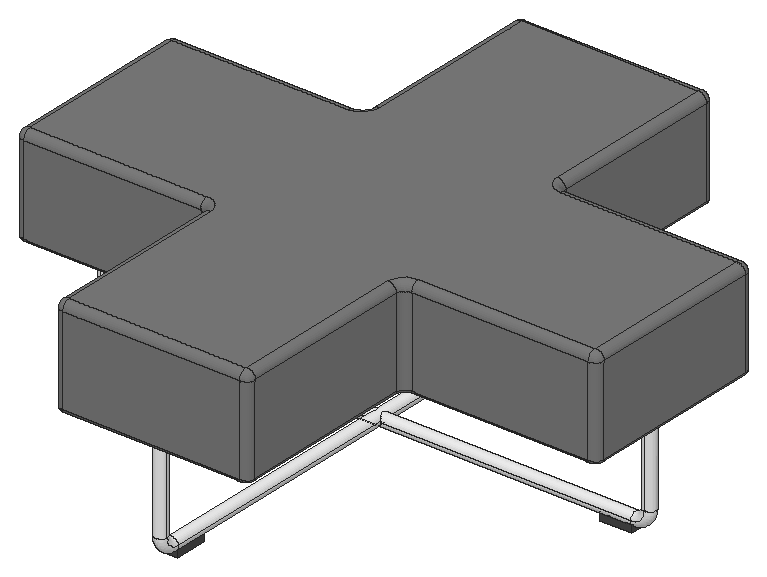
Revit family "Ottoman-Soft_Seating-Allermuir-Jaks-JA1", category Furniture, Revit 2012
Parameters (values of type "JA1")
  ecoScorecard_data = "http://thesenatorgroup.ecoscorecard.com/product/JA1"
  ecoScorecard Product Page = "http://products.ecoscorecard.com/allermuir/JA1?action=html"
  White Plastic Back Membrane = no
  Weight = 0.0 lbf
  URL = "http://www.allermuir.net/Default.aspx"
  Thickness = 2 63/64"
  Subcategory = "Soft Seating"  # constant formula
  Specifications URL = "http://www.allermuir.net/Services/File.ashx?Id=4466"
  Plugin Data URL = "http://products.ecoscorecard.com/thesenatorgroup/JA1"
  Bench = Fabric - Allermuir - Silcoates
  Product Page URL = "http://www.allermuir.net/Products.aspx?RangeId=73"
  Product Line = "Jaks"  # constant formula
  Pricing URL = "http://www.allermuir.net/Services/File.ashx?Id=4312"
  Overall Width = 53.1"
  Overall Height = 19"
  Overall Depth = 53.12646"
  Model = "JA1"
  Manufacturer Phone - Toll Free = "(888) 887 5806"  # constant formula
  Manufacturer Phone = "(419) 887 5806"  # constant formula
  Manufacturer Fax = "(419) 887 5805"  # constant formula
  Manufacturer Email = "mailto:contact@allermuir-na.com"
  Manufacturer Address = "1630 Holland Road, Maumee, Ohio 43537 "  # constant formula
  Manufacturer = "Allermuir"
  Legs = Metal - Allermuir - Chrome - Polished
  Leg Base = Plastic - Allermuir - Black
  LEED Stats URL = "http://www.allermuir.net/Services/File.ashx?Id=4417"
  Fabric Spec Sheets = "http://www.allermuir.net/Services/File.ashx?Type=B&Id=51"
  Description = ""
  Color Availability = "See price list for material options"
  CAD Blocks URL = "http://www.allermuir.net/Services/File.ashx?Id=4528"
  Brochure URL = "http://www.allermuir.net/Services/File.ashx?Id=4354"
  Assembly Code = "E2020200"
  95 CSI = "12510"  # constant formula
  04 CSI = "12 51 00"  # constant formula
Reference planes (in)
  plane 1 "Center Front/Back": y = 0
  plane 2: z = 0
  plane 3 "Center Left/Right": x = 0
  plane 4: y = 26.56323
  plane 5: y = -26.56323
  plane 6: x = -26.55
  plane 7: x = 26.55
  plane 8: z = 19
  plane 9: through (0, -10.22784, 13.88249) normal (0, -0.1219, -0.9925)
  plane 10: z = 16.01563
Dimensions and locks (in)
  equal spacing: plane 6, plane 3 "Center Left/Right", plane 7
  "Overall Width": plane 6 to plane 7
  "Overall Height": plane 8 to level
  "Thickness": plane 8 to plane 10
  equal spacing: plane 4, plane 1 "Center Front/Back", plane 5
  "Overall Depth": plane 5 to plane 4
  aligned and locked: plane 1 "Center Front/Back" to nested 1
Nested families (in)
  nested 1: "JA1" at (0, 0, 0), type "JA1"
Definition of nested family "JA1"
  Parameters (values of type "JA1")
    Width = 53.1"
    Legs = Metal - Allermuir - Upholstery - Stainless - Brushed
    Leg Base = Fabric - Allermuir - Upholstery - Lola - Smooth - Dark Gray
    JA1 = yes
    Height = 19"
    Depth = 53.12646"
    Default Elevation = 0"
    Bench = Fabric - Allermuir - Upholstery - Lola - Smooth - Black
    Assembly Code = ""
  Reference planes (in)
    plane 1 "Center Front/Back": y = 0
    plane 2: z = 0
    plane 3 "Center Left/Right": x = 0
    plane 4: x = -26.55
    plane 5: x = 26.55
    plane 6: z = 20.27719
    plane 7: y = 26.56323
    plane 8: y = -26.56323
    plane 9: z = 11.02165
  Forms (in)
    Sweep 1, solid, material "Metal - Allermuir - Upholstery - Stainless - Brushed" <- "Legs", visible <- "JA1"
      path origin (0.02144, 0.02144, 0) x (0, -1, 0) y (0, 0, 1)
        loop
          line (-24.19453, 11.02165) -> (-24.19453, 2.21555)
          arc (-24.19453, 2.21555) -> (-23.82841, 1.33167) -> (-22.94453, 0.96555) r 1.25
          line (-22.94453, 0.96555) -> (24.22541, 0.96555)
          arc (24.22541, 0.96555) -> (25.10929, 1.33167) -> (25.47541, 2.21555) r 1.25
          line (25.47541, 2.21555) -> (25.47541, 11.02332)
      profile origin (0.02144, 24.21597, 6.6186) x (-1, 0, 0) y (0, -1, 0)
        loop
          circle (0, 0) r 0.58004
    Sweep 2, solid, material "Metal - Allermuir - Upholstery - Stainless - Brushed" <- "Legs", visible <- "JA1"
      path origin (0, -0.5625, 0) x (1, 0, 0) y (0, 0, 1)
        loop
          line (-24.88895, 11.0207) -> (-24.88895, 2.16558)
          arc (-24.88895, 2.16558) -> (-24.52283, 1.28169) -> (-23.63893, 0.91558) r 1.25
          line (-23.63893, 0.91558) -> (23.49579, 0.91648)
          arc (23.49579, 0.91648) -> (24.37886, 1.28182) -> (24.74576, 2.16424) r 1.25
          line (24.74576, 2.16424) -> (24.76166, 11.02127)
      profile origin (-24.88895, -0.5625, 6.59314) x (0, -1, 0) y (1, 0, 0)
        loop
          circle (0, 0) r 0.58004
    Extrusion 3, solid, material "Fabric - Allermuir - Upholstery - Lola - Smooth - Dark Gray" <- "Leg Base", visible <- "JA1"
      sketch origin (0, 0, 0) x (1, 0, 0) y (0, 0, 1)
        loop
          line (-0.59055, 0.63743) -> (-0.59055, 0) -> (0.59058, 0) -> (0.59058, 0.63743) -> (0.54254, 0.63743)
          arc (0.54254, 0.63743) -> (0.00391, 0.40771) -> (-0.53472, 0.63743) r 0.74634
          line (-0.53472, 0.63743) -> (-0.59055, 0.63743)
      from 21.24037 to 24.19313
    Extrusion 4, solid, material "Fabric - Allermuir - Upholstery - Lola - Smooth - Dark Gray" <- "Leg Base", visible <- "JA1"
      sketch origin (0, -1.14063, 0) x (1, 0, 0) y (0, 0, -1)
        loop
          line (-0.59055, -0.63743) -> (-0.53472, -0.63743)
          arc (-0.53472, -0.63743) -> (0.00391, -0.40771) -> (0.54254, -0.63743) r 0.74634
          line (0.54254, -0.63743) -> (0.59058, -0.63743) -> (0.59058, 0) -> (-0.59055, 0) -> (-0.59055, -0.63743)
      from 21.24037 to 24.19313
    Extrusion 5, solid, material "Fabric - Allermuir - Upholstery - Lola - Smooth - Dark Gray" <- "Leg Base", visible <- "JA1"
      sketch origin (-0.5625, -0.57031, 0) x (0, 1, 0) y (0, 0, 1)
        loop
          line (-0.59055, 0.63743) -> (-0.59055, 0) -> (0.59058, 0) -> (0.59058, 0.63743) -> (0.54254, 0.63743)
          arc (0.54254, 0.63743) -> (0.00391, 0.40771) -> (-0.53472, 0.63743) r 0.74634
          line (-0.53472, 0.63743) -> (-0.59055, 0.63743)
      from 21.24037 to 24.19313
    Extrusion 6, solid, material "Fabric - Allermuir - Upholstery - Lola - Smooth - Dark Gray" <- "Leg Base", visible <- "JA1"
      sketch origin (0.57031, -0.57031, 0) x (0, 1, 0) y (0, 0, -1)
        loop
          line (-0.59055, -0.63743) -> (-0.53472, -0.63743)
          arc (-0.53472, -0.63743) -> (0.00391, -0.40771) -> (0.54254, -0.63743) r 0.74634
          line (0.54254, -0.63743) -> (0.59058, -0.63743) -> (0.59058, 0) -> (-0.59055, 0) -> (-0.59055, -0.63743)
      from 21.24037 to 24.19313
    Extrusion 7, solid, material "Fabric - Allermuir - Upholstery - Lola - Smooth - Black" <- "Bench"
      sketch origin (0, 0, 0) x (1, 0, 0) y (0, 1, 0)
        loop
          line (8.88187, 9.67066) -> (8.88187, 25.78638)
          arc (8.88187, 25.78638) -> (8.64755, 26.35206) -> (8.08187, 26.58638) r 0.8
          line (8.08187, 26.58638) -> (-8.05774, 26.58638)
          arc (-8.05774, 26.58638) -> (-8.62398, 26.35183) -> (-8.85852, 25.7856) r 0.80078
          line (-8.85852, 25.7856) -> (-8.85852, 9.67066)
          arc (-8.85852, 9.67066) -> (-9.09306, 9.10442) -> (-9.6593, 8.86988) r 0.80078
          line (-9.6593, 8.86988) -> (-25.75197, 8.86988)
          arc (-25.75197, 8.86988) -> (-26.31821, 8.63534) -> (-26.55275, 8.0691) r 0.80078
          line (-26.55275, 8.0691) -> (-26.55275, -8.0699)
          arc (-26.55275, -8.0699) -> (-26.31821, -8.63614) -> (-25.75197, -8.87068) r 0.80078
          line (-25.75197, -8.87068) -> (-9.63586, -8.87068)
          arc (-9.63586, -8.87068) -> (-9.06962, -9.10523) -> (-8.83508, -9.67147) r 0.80078
          line (-8.83508, -9.67147) -> (-8.83508, -25.76245)
          arc (-8.83508, -25.76245) -> (-8.60054, -26.32869) -> (-8.0343, -26.56323) r 0.80078
          line (-8.0343, -26.56323) -> (8.08231, -26.56323)
          arc (8.08231, -26.56323) -> (8.64854, -26.32869) -> (8.88309, -25.76245) r 0.80078
          line (8.88309, -25.76245) -> (8.88309, -9.67062)
          arc (8.88309, -9.67062) -> (9.11763, -9.10439) -> (9.68387, -8.86984) r 0.80078
          line (9.68387, -8.86984) -> (25.79608, -8.86984)
          arc (25.79608, -8.86984) -> (26.36231, -8.6353) -> (26.59686, -8.06906) r 0.80078
          line (26.59686, -8.06906) -> (26.59686, 8.0691)
          arc (26.59686, 8.0691) -> (26.36231, 8.63534) -> (25.79608, 8.86988) r 0.80078
          line (25.79608, 8.86988) -> (9.68265, 8.86988)
          arc (9.68265, 8.86988) -> (9.11641, 9.10442) -> (8.88187, 9.67066) r 0.80078
      from 9.88047 to 18.89567
    Sweep 8, void
      path in 3D
        loop
          arc (9.68265, 8.86988, 18.89567) -> (9.11641, 9.10442, 18.89567) -> (8.88187, 9.67066, 18.89567) r 0.80078
          line (8.88187, 9.67066, 18.89567) -> (8.88187, 25.78638, 18.89567)
          arc (8.88187, 25.78638, 18.89567) -> (8.64755, 26.35206, 18.89567) -> (8.08187, 26.58638, 18.89567) r 0.8
          line (8.08187, 26.58638, 18.89567) -> (-8.05774, 26.58638, 18.89567)
          arc (-8.05774, 26.58638, 18.89567) -> (-8.62398, 26.35183, 18.89567) -> (-8.85852, 25.7856, 18.89567) r 0.80078
          line (-8.85852, 25.7856, 18.89567) -> (-8.85852, 9.67066, 18.89567)
          arc (-8.85852, 9.67066, 18.89567) -> (-9.09306, 9.10442, 18.89567) -> (-9.6593, 8.86988, 18.89567) r 0.80078
          line (-9.6593, 8.86988, 18.89567) -> (-25.75197, 8.86988, 18.89567)
          arc (-25.75197, 8.86988, 18.89567) -> (-26.31821, 8.63534, 18.89567) -> (-26.55275, 8.0691, 18.89567) r 0.80078
          line (-26.55275, 8.0691, 18.89567) -> (-26.55275, -8.0699, 18.89567)
          arc (-26.55275, -8.0699, 18.89567) -> (-26.31821, -8.63614, 18.89567) -> (-25.75197, -8.87068, 18.89567) r 0.80078
          line (-25.75197, -8.87068, 18.89567) -> (-9.63586, -8.87068, 18.89567)
          arc (-9.63586, -8.87068, 18.89567) -> (-9.06962, -9.10523, 18.89567) -> (-8.83508, -9.67147, 18.89567) r 0.80078
          line (-8.83508, -9.67147, 18.89567) -> (-8.83508, -25.76245, 18.89567)
          arc (-8.83508, -25.76245, 18.89567) -> (-8.60054, -26.32869, 18.89567) -> (-8.0343, -26.56323, 18.89567) r 0.80078
          line (-8.0343, -26.56323, 18.89567) -> (8.08231, -26.56323, 18.89567)
          arc (8.08231, -26.56323, 18.89567) -> (8.64854, -26.32869, 18.89567) -> (8.88309, -25.76245, 18.89567) r 0.80078
          line (8.88309, -25.76245, 18.89567) -> (8.88309, -9.67062, 18.89567)
          arc (8.88309, -9.67062, 18.89567) -> (9.11763, -9.10439, 18.89567) -> (9.68387, -8.86984, 18.89567) r 0.80078
          line (9.68387, -8.86984, 18.89567) -> (25.79608, -8.86984, 18.89567)
          arc (25.79608, -8.86984, 18.89567) -> (26.36231, -8.6353, 18.89567) -> (26.59686, -8.06906, 18.89567) r 0.80078
          line (26.59686, -8.06906, 18.89567) -> (26.59686, 8.0691, 18.89567)
          arc (26.59686, 8.0691, 18.89567) -> (26.36231, 8.63534, 18.89567) -> (25.79608, 8.86988, 18.89567) r 0.80078
          line (25.79608, 8.86988, 18.89567) -> (9.68265, 8.86988, 18.89567)
      profile origin (17.73936, 8.86988, 18.89567) x (0, -1, 0) y (0, 0, 1)
        loop
          line (0, 0) -> (0, -0.75)
          arc (0, -0.75) -> (0.21967, -0.21967) -> (0.75, 0) r 0.75
          line (0.75, 0) -> (0, 0)
    Sweep 9, void
      path in 3D
        loop
          arc (-8.83508, -9.67147, 9.88047) -> (-9.06962, -9.10523, 9.88047) -> (-9.63586, -8.87068, 9.88047) r 0.80078
          line (-9.63586, -8.87068, 9.88047) -> (-25.75197, -8.87068, 9.88047)
          arc (-25.75197, -8.87068, 9.88047) -> (-26.31821, -8.63614, 9.88047) -> (-26.55275, -8.0699, 9.88047) r 0.80078
          line (-26.55275, -8.0699, 9.88047) -> (-26.55275, 8.0691, 9.88047)
          arc (-26.55275, 8.0691, 9.88047) -> (-26.31821, 8.63534, 9.88047) -> (-25.75197, 8.86988, 9.88047) r 0.80078
          line (-25.75197, 8.86988, 9.88047) -> (-9.6593, 8.86988, 9.88047)
          arc (-9.6593, 8.86988, 9.88047) -> (-9.09306, 9.10442, 9.88047) -> (-8.85852, 9.67066, 9.88047) r 0.80078
          line (-8.85852, 9.67066, 9.88047) -> (-8.85852, 25.7856, 9.88047)
          arc (-8.85852, 25.7856, 9.88047) -> (-8.62398, 26.35183, 9.88047) -> (-8.05774, 26.58638, 9.88047) r 0.80078
          line (-8.05774, 26.58638, 9.88047) -> (8.08187, 26.58638, 9.88047)
          arc (8.08187, 26.58638, 9.88047) -> (8.64755, 26.35206, 9.88047) -> (8.88187, 25.78638, 9.88047) r 0.8
          line (8.88187, 25.78638, 9.88047) -> (8.88187, 9.67066, 9.88047)
          arc (8.88187, 9.67066, 9.88047) -> (9.11641, 9.10442, 9.88047) -> (9.68265, 8.86988, 9.88047) r 0.80078
          line (9.68265, 8.86988, 9.88047) -> (25.79608, 8.86988, 9.88047)
          arc (25.79608, 8.86988, 9.88047) -> (26.36231, 8.63534, 9.88047) -> (26.59686, 8.0691, 9.88047) r 0.80078
          line (26.59686, 8.0691, 9.88047) -> (26.59686, -8.06906, 9.88047)
          arc (26.59686, -8.06906, 9.88047) -> (26.36231, -8.6353, 9.88047) -> (25.79608, -8.86984, 9.88047) r 0.80078
          line (25.79608, -8.86984, 9.88047) -> (9.68387, -8.86984, 9.88047)
          arc (9.68387, -8.86984, 9.88047) -> (9.11763, -9.10439, 9.88047) -> (8.88309, -9.67062, 9.88047) r 0.80078
          line (8.88309, -9.67062, 9.88047) -> (8.88309, -25.76245, 9.88047)
          arc (8.88309, -25.76245, 9.88047) -> (8.64854, -26.32869, 9.88047) -> (8.08231, -26.56323, 9.88047) r 0.80078
          line (8.08231, -26.56323, 9.88047) -> (-8.0343, -26.56323, 9.88047)
          arc (-8.0343, -26.56323, 9.88047) -> (-8.60054, -26.32869, 9.88047) -> (-8.83508, -25.76245, 9.88047) r 0.80078
          line (-8.83508, -25.76245, 9.88047) -> (-8.83508, -9.67147, 9.88047)
      profile origin (-8.83508, -17.71696, 9.88047) x (1, 0, 0) y (0, 0, -1)
        loop
          arc (0, -0.19512) -> (0.05715, -0.05715) -> (0.19512, 0) r 0.19512
          line (0.19512, 0) -> (0, 0) -> (0, -0.19512)
  Cuts and joins
    Sweep 8, Sweep 9 cuts Extrusion 7
  Lines and regions (in)
    symbolic lines, style "Bench"
      curve 1: line (-25.82172, 8.84725, 0) -> (-9.67283, 8.84725, 0)
      curve 2: line (-8.85852, 9.66155, 0) -> (-8.85852, 25.83047, 0)
      curve 3: line (-8.12576, 26.56323, 0) -> (8.17174, 26.56323, 0)
      curve 4: line (8.88187, 9.6598, 0) -> (8.88187, 25.8531, 0)
      curve 5: line (25.81776, 8.84832, 0) -> (9.69335, 8.84832, 0)
      curve 6: arc (9.69335, 8.84832, 0) -> (9.11954, 9.086, 0) -> (8.88187, 9.6598, 0) r 0.81148
      curve 7: arc (-8.12576, 26.56323, 0) -> (-8.6439, 26.34861, 0) -> (-8.85852, 25.83047, 0) r 0.73276
      curve 8: arc (8.17174, 26.56323, 0) -> (8.67387, 26.35524, 0) -> (8.88187, 25.8531, 0) r 0.71013
      curve 9: arc (-9.67283, 8.84725, 0) -> (-9.09702, 9.08575, 0) -> (-8.85852, 9.66155, 0) r 0.81431
      curve 10: line (-25.81837, -8.87068, 0) -> (-9.66711, -8.87068, 0)
      curve 11: line (-8.83508, -9.70272, 0) -> (-8.83508, -25.83925, 0)
      curve 12: line (-8.1111, -26.56323, 0) -> (8.15521, -26.56323, 0)
      curve 13: line (8.88309, -9.68629, 0) -> (8.88309, -25.83535, 0)
      curve 14: line (25.8, -8.86984, 0) -> (9.69954, -8.86984, 0)
      curve 15: arc (9.69954, -8.86984, 0) -> (9.12222, -9.10897, 0) -> (8.88309, -9.68629, 0) r 0.81645
      curve 16: arc (-8.1111, -26.56323, 0) -> (-8.62303, -26.35118, 0) -> (-8.83508, -25.83925, 0) r 0.72398
      curve 17: arc (-9.66711, -8.87068, 0) -> (-9.07878, -9.11438, 0) -> (-8.83508, -9.70272, 0) r 0.83203
      curve 18: line (-26.55, -8.13905, 0) -> (-26.55, 8.11897, 0)
      curve 19: arc (-25.81837, -8.87068, 0) -> (-26.33571, -8.65639, 0) -> (-26.55, -8.13905, 0) r 0.73163
      curve 20: arc (8.88309, -25.83535, 0) -> (8.6699, -26.35004, 0) -> (8.15521, -26.56323, 0) r 0.72788
      curve 21: line (26.55, 8.11608, 0) -> (26.55, -8.11984, 0)
      curve 22: arc (26.55, 8.11608, 0) -> (26.33553, 8.63385, 0) -> (25.81776, 8.84832, 0) r 0.73224
      curve 23: arc (-26.55, 8.11897, 0) -> (-26.33669, 8.63394, 0) -> (-25.82172, 8.84725, 0) r 0.72828
      curve 24: arc (25.8, -8.86984, 0) -> (26.33033, -8.65017, 0) -> (26.55, -8.11984, 0) r 0.75
    sketch lines
      curve 25: line (25.79608, 8.86988, 18.89567) -> (9.68265, 8.86988, 18.89567)
      curve 26: arc (8.88187, 9.67066, 18.89567) -> (9.11641, 9.10442, 18.89567) -> (9.68265, 8.86988, 18.89567) r 0.80078
      curve 27: line (8.88187, 9.67066, 18.89567) -> (8.88187, 25.78638, 18.89567)
      curve 28: arc (8.08187, 26.58638, 18.89567) -> (8.64755, 26.35206, 18.89567) -> (8.88187, 25.78638, 18.89567) r 0.8
      curve 29: line (8.08187, 26.58638, 18.89567) -> (-8.05774, 26.58638, 18.89567)
      curve 30: arc (-8.85852, 25.7856, 18.89567) -> (-8.62398, 26.35183, 18.89567) -> (-8.05774, 26.58638, 18.89567) r 0.80078
      curve 31: line (-8.85852, 25.7856, 18.89567) -> (-8.85852, 9.67066, 18.89567)
      curve 32: arc (-9.6593, 8.86988, 18.89567) -> (-9.09306, 9.10442, 18.89567) -> (-8.85852, 9.67066, 18.89567) r 0.80078
      curve 33: line (-9.6593, 8.86988, 18.89567) -> (-25.75197, 8.86988, 18.89567)
      curve 34: arc (-26.55275, 8.0691, 18.89567) -> (-26.31821, 8.63534, 18.89567) -> (-25.75197, 8.86988, 18.89567) r 0.80078
      curve 35: line (-26.55275, 8.0691, 18.89567) -> (-26.55275, -8.0699, 18.89567)
      curve 36: arc (-25.75197, -8.87068, 18.89567) -> (-26.31821, -8.63614, 18.89567) -> (-26.55275, -8.0699, 18.89567) r 0.80078
      curve 37: line (-25.75197, -8.87068, 18.89567) -> (-9.63586, -8.87068, 18.89567)
      curve 38: arc (-8.83508, -9.67147, 18.89567) -> (-9.06962, -9.10523, 18.89567) -> (-9.63586, -8.87068, 18.89567) r 0.80078
      curve 39: line (-8.83508, -9.67147, 18.89567) -> (-8.83508, -25.76245, 18.89567)
      curve 40: arc (-8.0343, -26.56323, 18.89567) -> (-8.60054, -26.32869, 18.89567) -> (-8.83508, -25.76245, 18.89567) r 0.80078
      curve 41: line (-8.0343, -26.56323, 18.89567) -> (8.08231, -26.56323, 18.89567)
      curve 42: arc (8.88309, -25.76245, 18.89567) -> (8.64854, -26.32869, 18.89567) -> (8.08231, -26.56323, 18.89567) r 0.80078
      curve 43: line (8.88309, -25.76245, 18.89567) -> (8.88309, -9.67062, 18.89567)
      curve 44: arc (9.68387, -8.86984, 18.89567) -> (9.11763, -9.10439, 18.89567) -> (8.88309, -9.67062, 18.89567) r 0.80078
      curve 45: line (9.68387, -8.86984, 18.89567) -> (25.79608, -8.86984, 18.89567)
      curve 46: arc (26.59686, -8.06906, 18.89567) -> (26.36231, -8.6353, 18.89567) -> (25.79608, -8.86984, 18.89567) r 0.80078
      curve 47: line (26.59686, -8.06906, 18.89567) -> (26.59686, 8.0691, 18.89567)
      curve 48: arc (25.79608, 8.86988, 18.89567) -> (26.36231, 8.63534, 18.89567) -> (26.59686, 8.0691, 18.89567) r 0.80078
      curve 49: line (-8.83508, -25.76245, 9.88047) -> (-8.83508, -9.67147, 9.88047)
      curve 50: arc (-8.83508, -25.76245, 9.88047) -> (-8.60054, -26.32869, 9.88047) -> (-8.0343, -26.56323, 9.88047) r 0.80078
      curve 51: line (8.08231, -26.56323, 9.88047) -> (-8.0343, -26.56323, 9.88047)
      curve 52: arc (8.08231, -26.56323, 9.88047) -> (8.64854, -26.32869, 9.88047) -> (8.88309, -25.76245, 9.88047) r 0.80078
      curve 53: line (8.88309, -9.67062, 9.88047) -> (8.88309, -25.76245, 9.88047)
      curve 54: arc (8.88309, -9.67062, 9.88047) -> (9.11763, -9.10439, 9.88047) -> (9.68387, -8.86984, 9.88047) r 0.80078
      curve 55: line (25.79608, -8.86984, 9.88047) -> (9.68387, -8.86984, 9.88047)
      curve 56: arc (25.79608, -8.86984, 9.88047) -> (26.36231, -8.6353, 9.88047) -> (26.59686, -8.06906, 9.88047) r 0.80078
      curve 57: line (26.59686, 8.0691, 9.88047) -> (26.59686, -8.06906, 9.88047)
      curve 58: arc (26.59686, 8.0691, 9.88047) -> (26.36231, 8.63534, 9.88047) -> (25.79608, 8.86988, 9.88047) r 0.80078
      curve 59: line (9.68265, 8.86988, 9.88047) -> (25.79608, 8.86988, 9.88047)
      curve 60: arc (9.68265, 8.86988, 9.88047) -> (9.11641, 9.10442, 9.88047) -> (8.88187, 9.67066, 9.88047) r 0.80078
      curve 61: line (8.88187, 25.78638, 9.88047) -> (8.88187, 9.67066, 9.88047)
      curve 62: arc (8.88187, 25.78638, 9.88047) -> (8.64755, 26.35206, 9.88047) -> (8.08187, 26.58638, 9.88047) r 0.8
      curve 63: line (-8.05774, 26.58638, 9.88047) -> (8.08187, 26.58638, 9.88047)
      curve 64: arc (-8.05774, 26.58638, 9.88047) -> (-8.62398, 26.35183, 9.88047) -> (-8.85852, 25.7856, 9.88047) r 0.80078
      curve 65: line (-8.85852, 9.67066, 9.88047) -> (-8.85852, 25.7856, 9.88047)
      curve 66: arc (-8.85852, 9.67066, 9.88047) -> (-9.09306, 9.10442, 9.88047) -> (-9.6593, 8.86988, 9.88047) r 0.80078
      curve 67: line (-25.75197, 8.86988, 9.88047) -> (-9.6593, 8.86988, 9.88047)
      curve 68: arc (-25.75197, 8.86988, 9.88047) -> (-26.31821, 8.63534, 9.88047) -> (-26.55275, 8.0691, 9.88047) r 0.80078
      curve 69: line (-26.55275, -8.0699, 9.88047) -> (-26.55275, 8.0691, 9.88047)
      curve 70: arc (-26.55275, -8.0699, 9.88047) -> (-26.31821, -8.63614, 9.88047) -> (-25.75197, -8.87068, 9.88047) r 0.80078
      curve 71: line (-9.63586, -8.87068, 9.88047) -> (-25.75197, -8.87068, 9.88047)
      curve 72: arc (-9.63586, -8.87068, 9.88047) -> (-9.06962, -9.10523, 9.88047) -> (-8.83508, -9.67147, 9.88047) r 0.80078
  Dimensions and locks (in)
    equal spacing: plane 4, plane 3 "Center Left/Right", plane 5
    "Width": plane 4 to plane 5
    plane 6 to level = 20.27719"
    equal spacing: plane 7, plane 1 "Center Front/Back", plane 8
    "Depth": plane 7 to plane 8
    locked: plane 6 to plane 9 at 9.25554
  Automatic sketch dimensions
    Sweep 1 sketch curve to plane 9 = 0"
    Sweep 1 sketch curve to plane 7 = 2.34726"
    level to Sweep 1 sketch curve = 0.96555"
    Sweep 1 sketch curve to Sweep 1 sketch curve = 1 1/4"
    Sweep 1 sketch curve to plane 8 = 2.35925"
    plane 9 to Sweep 1 sketch curve = 0.00167"
    Sweep 1 sketch curve to plane 8 = 1.10925"
    Sweep 1 sketch curve to profile plane = 0"  (x2)
    plane 4 to Sweep 2 sketch curve = 1.66105"
    Sweep 2 sketch curve to Sweep 2 sketch curve = 1 1/4"  (x2)
    Sweep 2 sketch curve to Sweep 2 sketch curve = 0.00002"  (x2)
    plane 5 to Sweep 2 sketch curve = 3.05424"
    Sweep 2 sketch curve to plane 9 = 0.00039"
    plane 5 to Sweep 2 sketch curve = 1.78834"
    Sweep 2 sketch curve to plane 9 = 0.00095"
    level to Sweep 2 sketch curve = 2.16648"
    level to Sweep 2 sketch curve = 2.16558"
    Sweep 2 sketch curve to Sweep 2 sketch curve = 0.00224"
    Sweep 2 sketch curve to profile plane = 0"
    profile plane to Sweep 2 sketch curve = 0"
    Extrusion 3 sketch curve to level = 0"
    Extrusion 3 sketch curve to plane 3 "Center Left/Right" = 0.59055"
    Extrusion 3 sketch curve to Extrusion 3 sketch curve = 0.05583"
    plane 3 "Center Left/Right" to Extrusion 3 sketch curve = 1/256"
    plane 3 "Center Left/Right" to Extrusion 3 sketch curve = 0.54254"
    plane 3 "Center Left/Right" to Extrusion 3 sketch curve = 0.59058"
    Extrusion 3 sketch curve to Extrusion 3 sketch curve = 0.63743"
    Extrusion 3 sketch curve to Extrusion 3 sketch curve = 0.51662"
    Extrusion 4 sketch curve to level = 0"
    Extrusion 4 sketch curve to plane 3 "Center Left/Right" = 0.59055"
    Extrusion 4 sketch curve to Extrusion 4 sketch curve = 0.05583"
    plane 3 "Center Left/Right" to Extrusion 4 sketch curve = 1/256"
    plane 3 "Center Left/Right" to Extrusion 4 sketch curve = 0.54254"
    plane 3 "Center Left/Right" to Extrusion 4 sketch curve = 0.59058"
    level to Extrusion 4 sketch curve = 0.63743"
    Extrusion 4 sketch curve to Extrusion 4 sketch curve = 0.51662"
    Extrusion 5 sketch curve to level = 0"
    plane 1 "Center Front/Back" to Extrusion 5 sketch curve = 1.16086"
    Extrusion 5 sketch curve to Extrusion 5 sketch curve = 0.05583"
    plane 1 "Center Front/Back" to Extrusion 5 sketch curve = 145/256"
    plane 1 "Center Front/Back" to Extrusion 5 sketch curve = 0.02778"
    Extrusion 5 sketch curve to plane 1 "Center Front/Back" = 0.02027"
    Extrusion 5 sketch curve to Extrusion 5 sketch curve = 0.63743"
    Extrusion 5 sketch curve to Extrusion 5 sketch curve = 0.51662"
    Extrusion 6 sketch curve to level = 0"
    plane 1 "Center Front/Back" to Extrusion 6 sketch curve = 1.16086"
    Extrusion 6 sketch curve to Extrusion 6 sketch curve = 0.05583"
    plane 1 "Center Front/Back" to Extrusion 6 sketch curve = 145/256"
    plane 1 "Center Front/Back" to Extrusion 6 sketch curve = 0.02778"
    Extrusion 6 sketch curve to plane 1 "Center Front/Back" = 0.02027"
    level to Extrusion 6 sketch curve = 0.63743"
    Extrusion 6 sketch curve to Extrusion 6 sketch curve = 0.51662"
    curve 23 to plane 4 = 0"
    curve 3 to plane 7 = 0"
    plane 8 to curve 12 = 0"
    curve 21 to plane 5 = 0"
    plane 4 to curve 23 = 0.72828"
    plane 4 to curve 10 = 0.73163"
    curve 9 to plane 3 "Center Left/Right" = 9.67283"
    curve 17 to plane 3 "Center Left/Right" = 9.66711"
    curve 2 to plane 7 = 0.73276"
    curve 2 to plane 3 "Center Left/Right" = 8.85852"
    curve 16 to plane 8 = 0.72398"
    curve 16 to plane 3 "Center Left/Right" = 8.83508"
    plane 3 "Center Left/Right" to curve 20 = 8.15521"
    plane 3 "Center Left/Right" to curve 3 = 8.17174"
    curve 8 to plane 7 = 0.71013"
    plane 3 "Center Left/Right" to curve 13 = 8.88309"
    curve 4 to curve 6 = 0.81148"
    curve 13 to curve 15 = 0.81645"
    plane 5 to curve 24 = 3/4"
    plane 5 to curve 5 = 0.73224"
    plane 1 "Center Front/Back" to curve 17 = 9.70272"
    plane 1 "Center Front/Back" to curve 15 = 9.68629"
    curve 21 to plane 1 "Center Front/Back" = 8.11608"
    curve 23 to plane 1 "Center Front/Back" = 8.11897"
    plane 8 to Extrusion 7 sketch curve = 0"
    Extrusion 7 sketch curve to plane 4 = 0.00275"
    plane 4 to Extrusion 7 sketch curve = 0.79803"  (x2)
    Extrusion 7 sketch curve to plane 3 "Center Left/Right" = 9.6593"
    Extrusion 7 sketch curve to plane 3 "Center Left/Right" = 9.63586"
    Extrusion 7 sketch curve to Extrusion 7 sketch curve = 205/256"  (x6)
    plane 7 to Extrusion 7 sketch curve = 0.02315"
    Extrusion 7 sketch curve to plane 7 = 0.77685"
    plane 3 "Center Left/Right" to Extrusion 7 sketch curve = 8.08187"
    plane 3 "Center Left/Right" to Extrusion 7 sketch curve = 8.08231"
    Extrusion 7 sketch curve to plane 8 = 205/256"
    plane 5 to Extrusion 7 sketch curve = 193/256"  (x2)
    Extrusion 7 sketch curve to plane 5 = 3/64"
    plane 1 "Center Front/Back" to Extrusion 7 sketch curve = 9.67147"
    plane 1 "Center Front/Back" to Extrusion 7 sketch curve = 9.67062"
    Extrusion 7 sketch curve to plane 1 "Center Front/Back" = 8.0691"  (x2)
    Sweep 8 sketch curve to profile plane = 0"  (x2)
    Sweep 8 sketch curve to Sweep 8 sketch curve = 3/4"
    profile plane to Sweep 9 sketch curve = 0"
    Sweep 9 sketch curve to profile plane = 0"
    Sweep 9 sketch curve to profile plane = 0.19512"
    Sweep 9 sketch curve to Sweep 9 sketch curve = 0"
    radius of Sweep 1 sketch curve = 0.58004"
    radius of Sweep 2 sketch curve = 0.58004"
